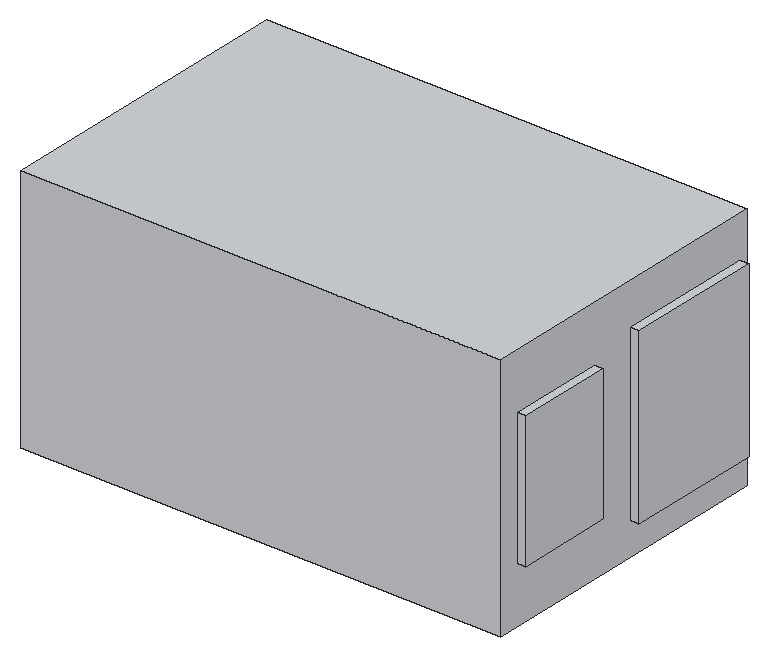
Revit family "DV 8000", category Mechanical Equipment, Revit 2013
Parameters
  Width mm = 2500 mm
  Warranty = "1 Year"
  Voltage Supply      Single Phase = "400v ac"
  Versatile positioning ,floor and ceiling susupended options = "Yes"
  Summer/Winter by-pass = "Yes"
  Summer By-pass = "Yes"
  Safety cut off switch Pressure sensors for filter monitoring = "Yes"
  Pre Heater = "option"
  Part number = "9041525"
  Model = "MULTI DV8000"
  Meets Building regulations Pat L2A and L2B = "option"
  Max Air Volume  m3/hr = "9600"
  Lockable doors = "Yes"
  Interchangeable spigot connections = "Yes"
  Humidity control (optional) = "Yes"
  Height mm = 1600 mm
  Heat Recovery = "<95%\\"
  Heat Exchanger = "Cross Counterflow"
  Frequency = "50Hz"
  Filter maintenance reminder = ""
  Electronic control panel with LCD display = ""
  EC motor for fine speed control and low SFP = ""
  Duct Connections = "4x700x500mm"
  Double skinned insulated casing avoids thermal bridging = ""
  Depth mm = 1290 mm
  Control Standard = "BMS/Internet"
  Control Optional . = "Humidity"
  Control Optional = "Co2"
  Control Optional. . = "Temperature"
  Carbon dioxide control (optional) = "Yes"
  Balanced supply and extract air ventilation with heat recovery = "Yes"
  BREEAM applicable = "Yes"
  Anti frost protection = ""
  Air Filters = "M5 and F15"
  After Heater = ""
  10 speed digital control and BMS and Internet control = ""
Reference planes
  plane 1 "Center (Front/Back)": y = 0
  plane 2: z = -45
  plane 3 "Center (Left/Right)": x = 0
  plane 4: x = -1250
  plane 5: x = 1250
  plane 6: y = 800
  plane 7: y = -800
  plane 8: y = 900
  plane 9: x = -1150
  plane 10: y = 390
  plane 11: y = -625
  plane 12: y = -810
  plane 13: y = -450
  plane 14: y = -200
  plane 15: y = -700
  plane 16: z = 1087.5
  plane 17: x = 1150
  plane 18: z = -202.5
  plane 19: y = 745
  plane 20: y = 35
  plane 21: x = -170
  plane 22: x = -575
  plane 23: z = 179.375
  plane 24: z = -125.625
  plane 25: z = 872.5
Forms (mm)
  Extrusion 1, solid
    sketch origin (-3126.117, 800, 784.375) x (-1, 0, 0) y (0, 0, 1)
      loop
        line (-2956.117, -605) -> (-2956.117, -910) -> (-2551.117, -910) -> (-2551.117, -605) -> (-2956.117, -605)
    from 0 to 100
  Extrusion 2, solid
    sketch origin (1250, -2030, 1200) x (0, -1, 0) y (0, 0, 1)
      loop
        line (-2775, -327.5) -> (-2775, -1227.5) -> (-2065, -1227.5) -> (-2065, -327.5) -> (-2775, -327.5)
    from -50 to 0
  Extrusion 3, solid
    sketch origin (1250, -2000, 1200) x (0, -1, 0) y (0, 0, 1)
      loop
        line (-1800.07, -402.5) -> (-1800.07, -1102.5) -> (-1300.07, -1102.5) -> (-1300.07, -402.5) -> (-1800.07, -402.5)
    from -50 to 0
  Extrusion 4, solid
    sketch origin (0, 0, 0) x (1, 0, 0) y (0, 1, 0)
      loop
        line (-1250, 800) -> (-1250, -800) -> (1250, -800) -> (1250, 800) -> (-1250, 800)
    from 1087.5 to -202.5
  Extrusion 5, solid
    sketch origin (-1250, -2030, 1200) x (0, -1, 0) y (0, 0, -1)
      loop
        line (-2775, 327.5) -> (-2065, 327.5) -> (-2065, 1227.5) -> (-2775, 1227.5) -> (-2775, 327.5)
    from -50 to 0
  Extrusion 6, solid
    sketch origin (-1250, -2000, 1200) x (0, -1, 0) y (0, 0, -1)
      loop
        line (-1800, 402.5) -> (-1300, 402.5) -> (-1300, 1102.5) -> (-1800, 1102.5) -> (-1800, 402.5)
    from -50 to 0
  Extrusion 7, solid
    sketch origin (-3126.117, 900, 884.375) x (-1, 0, 0) y (0, 0, 1)
      loop
        line (-2785.479, -737.534) -> (-2785.479, -857.534) -> (-2735.479, -857.534) -> (-2735.479, -737.534) -> (-2785.479, -737.534)
    from 50 to 0
Dimensions and locks
  equal spacing: plane 6, plane 1 "Center (Front/Back)", plane 7
  plane 6 to plane 7 = 1600 mm  (x2)
  equal spacing: plane 4, plane 3 "Center (Left/Right)", plane 5
  plane 4 to plane 5 = 2500 mm
  plane 8 to plane 6 = 100 mm
  plane 14 to plane 15 = 500 mm  (x2)
  Extrusion 4 to Extrusion 4 = 1290 mm
  plane 4 to Extrusion 1 = 675 mm
  Extrusion 1 to Extrusion 4 = 908.125 mm
  Extrusion 1 to Extrusion 1 = 405 mm  (x2)
  Extrusion 5 to Extrusion 5 = 710 mm
  plane 19 to plane 20 = 710 mm
  plane 15 to plane 7 = 100 mm  (x2)
  plane 6 to plane 19 = 55 mm
  plane 16 to plane 18 = 1290 mm
  plane 5 to plane 4 = 2500 mm
  Extrusion 4 to Extrusion 1 = 675 mm
  Extrusion 1 to Extrusion 1 = 305 mm
Automatic sketch dimensions
  plane 14 to Extrusion 3 sketch curve = 0.07 mm
  plane 15 to Extrusion 3 sketch curve = 0.07 mm
  Extrusion 4 sketch curve to plane 4 = 0 mm
  Extrusion 4 sketch curve to plane 5 = 0 mm
  Extrusion 4 sketch curve to plane 7 = 0 mm
  Extrusion 4 sketch curve to plane 6 = 0 mm
  Extrusion 5 sketch curve to plane 1 "Center (Front/Back)" = 35 mm
  plane 14 to Extrusion 6 sketch curve = 0 mm
  Extrusion 7 sketch curve to Extrusion 1 = 152.466 mm
  Extrusion 7 sketch curve to Extrusion 1 = 170.638 mm
  Extrusion 7 sketch curve to Extrusion 1 = 32.534 mm
  Extrusion 7 sketch curve to Extrusion 7 sketch curve = 50 mm
  Extrusion 2 sketch curve to plane 1 "Center (Front/Back)" = 35 mm
  Extrusion 6 sketch curve to plane 15 = 0 mm
  plane 2 to Extrusion 5 sketch curve = 17.5 mm
  plane 2 to Extrusion 2 sketch curve = 17.5 mm
  Extrusion 2 sketch curve to plane 6 = 55 mm
  Extrusion 5 sketch curve to plane 6 = 55 mm
  Extrusion 1 sketch curve to plane 3 "Center (Left/Right)" = 170 mm
  Extrusion 1 sketch curve to Extrusion 1 sketch curve = 405 mm
  level to Extrusion 1 sketch curve = 179.375 mm
  level to Extrusion 3 sketch curve = 97.5 mm
  level to Extrusion 6 sketch curve = 97.5 mm
  Extrusion 1 sketch curve to plane 18 = 76.875 mm
  plane 16 to Extrusion 2 sketch curve = 215 mm
  plane 16 to Extrusion 3 sketch curve = 290 mm
  plane 16 to Extrusion 5 sketch curve = 215 mm
  plane 16 to Extrusion 6 sketch curve = 290 mm
Connectors
  hvac at (1300, 390, 422.5)
    settings: on Extrusion 2, index 1, duct flow 0.0 L/s, flow factor 0, pres drop 0.0 Pa, loss coef 0, conn angle 0.00°, conn width 710 mm, conn height 900 mm, conn radius 304.8 mm, duct sys type 1, conn prof type 1, flow config 0, flow direction 2, loss method 0, conn ref index -1, conn util no, is conn primary yes, conn desc ""
  hvac at (1300, -449.93, 447.5)
    settings: on Extrusion 3, index 2, duct flow 0.0 L/s, flow factor 0, pres drop 0.0 Pa, loss coef 0, conn angle 0.00°, conn width 500 mm, conn height 700 mm, conn radius 304.8 mm, duct sys type 2, conn prof type 1, flow config 0, flow direction 1, loss method 0, conn ref index -1, conn util no, is conn primary no, conn desc ""
  hvac at (-1300, -450, 447.5)
    settings: on Extrusion 6, index 3, duct flow 0.0 L/s, flow factor 0, pres drop 0.0 Pa, loss coef 0, conn angle 0.00°, conn width 500 mm, conn height 700 mm, conn radius 304.8 mm, duct sys type 1, conn prof type 1, flow config 0, flow direction 1, loss method 0, conn ref index -1, conn util no, is conn primary no, conn desc ""
  hvac at (-1300, 390, 422.5)
    settings: on Extrusion 5, index 4, duct flow 0.0 L/s, flow factor 0, pres drop 0.0 Pa, loss coef 0, conn angle 0.00°, conn width 710 mm, conn height 900 mm, conn radius 304.8 mm, duct sys type 2, conn prof type 1, flow config 0, flow direction 2, loss method 0, conn ref index -1, conn util no, is conn primary no, conn desc ""
